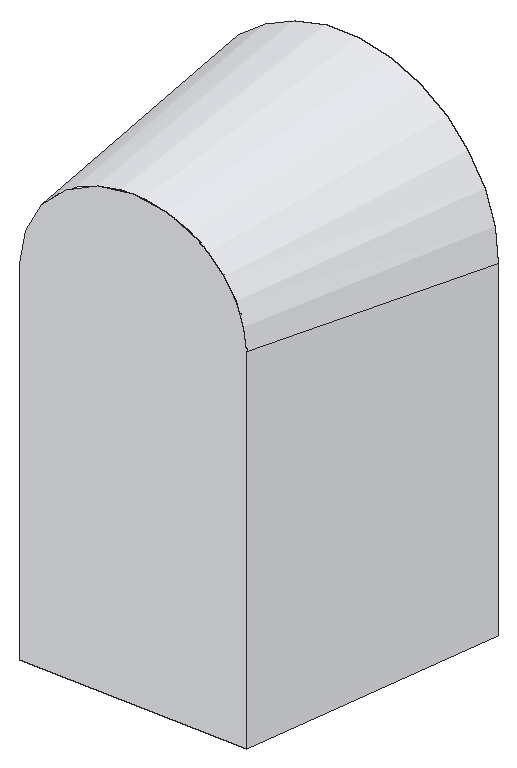
Revit family "Deca_Bidê 3 Furos Suspenso LK_B.232", category Plumbing Fixtures, host Face, Revit 2012
Parameters (values of type "B.232.17_Branco Gelo GE17")
  WFU = 0
  Vendido Separadamente = "Suportes (uso obrigatório): Para Alvenaria: SP.132.01; Para Drywall: 1100.SP.133.01;\r\nSuporte opcional auto portante para drywall: 1100.SP.134.01;\r\nMisturador de Bidê"  # constant formula
  Variações de COR = "Branco (B.232.17); Ébano (B.232.95)."  # constant formula
  URL = "www.deca.com.br/produtos"
  Segmento = "Luxo"  # constant formula
  Raio Ponto de Esgoto = 20 mm  # constant formula
  Produto = "Bidê 3 furos suspenso LK"  # constant formula
  Peso Liquido (Kg) = 15
  Norma = "ABNT NBR 15097-1: 2011 / ABNT NBR 15097-2: 2011"  # constant formula
  Model = Código  # "B.232.17"
  Material = "Deca_Vitreous China"  # constant formula
  Manufacturer = "Deca"  # constant formula
  Louça/Metais = "Louça"  # constant formula
  Linha = "LK"  # constant formula
  Informações Complementares = "3 furos - utilizar misturador"  # constant formula
  Flow Pressure = 0.00 psi
  Diâmetro Ponto de Esgoto = Raio Ponto de Esgoto * 2  # 40 mm
  Description = "Bidê 3 furos suspenso LK"  # constant formula
  Default Elevation = 0 mm
  Código = "B.232.17"
  Criado por = "Contino/quattroD"  # constant formula
  CWFU = 0
  Bidê = Deca GE17 Branco Gelo Cerâmica
  Atendimento ao Cliente = "0800-0117073"  # constant formula
  Assembly Code = "D2010110"
  Aprovado por = "Contino/quattroD"  # constant formula
  Acompanha o Produto = ""
Types (2, lengths in mm): name | Model | Código | Bidê
  B.232.17_Branco Gelo GE17 | "B.232.17" | "B.232.17" | Deca GE17 Branco Gelo Cerâmica
  B.232.95_Ébano EB95 | "B.232.95" | "B.232.95" | Deca EB95 Ébano Cerâmica
Reference planes
  plane 1 "Center (Front/Back)": y = 0
  plane 2: z = 0
  plane 3 "Center (Left/Right)": x = 0
  plane 4 "Top 3": y = 435
  plane 5 "Front 1": z = 549.241
  plane 6 "Left 1": x = -173.945
  plane 7 "Right 1": x = 173.945
  plane 8 "Top 1": y = 140
  plane 9 "Top 2": y = 170
Forms (mm)
  Blend 1, solid, material "Deca GE17 Branco Gelo Cerâmica" <- "Bidê"
    base sketch origin (0.781, 360, 0) x (-1, 0, 0) y (0, 0, 1)
      loop
        line (128.648, 0) -> (128.648, 399.354)
        spline (128.648, 399.354) -> (124.302, 429.118) -> (111.56, 456.854) -> (91.29, 480.671) -> (64.875, 498.947) -> (34.113, 510.435) -> (1.102, 514.354) -> (-31.91, 510.435) -> (-62.672, 498.947) -> (-89.087, 480.671) -> (-109.357, 456.854) -> (-122.099, 429.118) -> (-126.445, 399.354)
        line (-126.445, 399.354) -> (-126.445, 0) -> (128.648, 0)
    top sketch origin (0.781, 360, 0) x (-1, 0, 0) y (0, 0, 1)
      loop
        line (175.455, 0) -> (175.455, 375)
        arc (175.455, 375) -> (1.102, 549.354) -> (-173.252, 375) r 174.354
        line (-173.252, 375) -> (-173.252, 0) -> (175.455, 0)
    from -220 to 75
  Extrusion 2, solid, material "Deca GE17 Branco Gelo Cerâmica" <- "Bidê"
    sketch origin (0, 360, 22.183) x (-1, 0, 0) y (0, 0, 1)
      loop
        circle (0, 56.498) r 17.5
    from 61.004 to 70
  Blend 3, void
    base sketch origin (-0.321, 360, -5) x (-1, 0, 0) y (0, 0, 1)
      loop
        line (123.99, 242.498) -> (123.99, 318.75)
        arc (123.99, 318.75) -> (0, 442.74) -> (-123.99, 318.75) r 123.99
        line (-123.99, 318.75) -> (-123.99, 242.498)
        spline (-123.99, 242.498) -> (-119.765, 210.146) -> (-107.378, 179.998) -> (-87.674, 154.11) -> (-61.995, 134.245) -> (-32.091, 121.757) -> (0, 117.498) -> (32.091, 121.757) -> (61.995, 134.245) -> (87.674, 154.11) -> (107.378, 179.998) -> (119.765, 210.146) -> (123.99, 242.498)
    top sketch origin (-0.321, 360, -5) x (-1, 0, 0) y (0, 0, 1)
      loop
        line (123.99, 282.498) -> (123.99, 380)
        arc (123.99, 380) -> (0, 503.99) -> (-123.99, 380) r 123.99
        line (-123.99, 380) -> (-123.99, 282.498)
        spline (-123.99, 282.498) -> (-119.765, 250.146) -> (-107.378, 219.998) -> (-87.674, 194.11) -> (-61.995, 174.245) -> (-32.091, 161.757) -> (0, 157.498) -> (32.091, 161.757) -> (61.995, 174.245) -> (87.674, 194.11) -> (107.378, 219.998) -> (119.765, 250.146) -> (123.99, 282.498)
    from -70 to 75
  Extrusion 4, void
    sketch origin (0.001, 360, -35.687) x (-1, 0, 0) y (0, 0, 1)
      loop
        circle (0.001, 256) r 22
    from -155 to 70
  Extrusion 5, solid, material "Deca GE17 Branco Gelo Cerâmica" <- "Bidê", not visible
    sketch origin (0, 0, 0) x (1, 0, 0) y (0, 1, 0)
      loop
        circle (0, 170) r 20
    from 0 to 3
  Extrusion 6, void
    sketch origin (0, 330, 0) x (-1, 0, 0) y (0, 0, 1)
      loop
        circle (0, 78.681) r 17.5
    from 85.096 to 100
Cuts and joins
  Blend 3, Extrusion 4, Extrusion 6 cuts Blend 1
Lines and regions (mm)
  Masking region 1
    outline origin (0, 35, 0) x (1, 0, 0) y (0, 1, 0)
      loop
        arc (-168.758, 400) -> (-173.329, 397.887) -> (-174.68, 393.036) r 6
        line (-174.68, 393.036) -> (-128.36, 108.358)
        arc (-128.36, 108.358) -> (-127.003, 105.953) -> (-124.412, 105) r 4
        line (-124.412, 105) -> (124.412, 105)
        arc (124.412, 105) -> (127.003, 105.953) -> (128.36, 108.358) r 4
        line (128.36, 108.358) -> (174.68, 393.036)
        arc (174.68, 393.036) -> (173.329, 397.887) -> (168.758, 400) r 6
        line (168.758, 400) -> (-168.758, 400)
  Masking region 2
    outline origin (0, 0, 0) x (1, 0, 0) y (0, 0, 1)
      loop
        arc (173.945, 375.295) -> (0, 549.24) -> (-173.945, 375.295) r 173.945
        line (-173.945, 375.295) -> (-173.945, 4)
        arc (-173.945, 4) -> (-172.773, 1.172) -> (-169.945, 0) r 4
        line (-169.945, 0) -> (169.945, 0)
        arc (169.945, 0) -> (172.773, 1.172) -> (173.945, 4) r 4
        line (173.945, 4) -> (173.945, 375.295)
      loop
        circle (0, 78.67) r 17.489
  Masking region 3
    outline origin (0, 30, 0) x (0, 1, 0) y (0, 0, 1)
      loop
        arc (113.522, 516.127) -> (111.007, 514.81) -> (110, 512.156) r 4
        line (110, 512.156) -> (110, 4)
        arc (110, 4) -> (111.172, 1.172) -> (114, 0) r 4
        line (114, 0) -> (401, 0)
        arc (401, 0) -> (403.828, 1.172) -> (405, 4) r 4
        line (405, 4) -> (405, 544.438)
        arc (405, 544.438) -> (402.981, 548.927) -> (398.283, 550.395) r 6
        line (398.283, 550.395) -> (113.522, 516.127)
  symbolic lines
    curve 1: arc (-124.323, 0, 375.293) -> (0.003, 0, 499.619) -> (124.329, 0, 375.293) r 124.326
    curve 2: line (124.329, 0, 375.293) -> (124.329, 0, 277.791)
    curve 3: line (-124.324, 0, 375.293) -> (-124.324, 0, 277.791)
    curve 4: arc (124.329, 0, 277.791) -> (0.003, 0, 153.464) -> (-124.324, 0, 277.791) r 124.327
    curve 5: circle (0.003, 0, 370.293) r 13.5 normal (0, 1, 0)
    curve 6: arc (37.472, 0, 219.278) -> (-0.063, 0, 257.116) -> (-37.528, 0, 219.209) r 37.502
    curve 7: arc (37.472, 0, 219.278) -> (26.067, 0, 193.366) -> (-0.577, 0, 183.796) r 35.869
    curve 8: arc (-0.577, 0, 183.796) -> (-26.495, 0, 193.737) -> (-37.528, 0, 219.209) r 35.817
    curve 9: circle (-0.01, 0, 220.435) r 21.98 normal (0, -1, 0)
  model lines
    curve 10: circle (100.014, 435, 96.639) r 17.521 normal (0, 1, 0)
    curve 11: circle (-100.014, 435, 96.639) r 17.521 normal (0, 1, 0)
    curve 12: line (0, 435, 96.159) -> (0, 435, 61.181)
    curve 13: line (17.489, 435, 78.67) -> (-17.489, 435, 78.67)
Dimensions and locks
  plane 1 "Center (Front/Back)" to plane 4 "Top 3" = 435 mm  (x2)
  plane 6 "Left 1" to plane 7 "Right 1" = 347.89 mm
  plane 5 "Front 1" to host face = 549.241 mm  (x2)
  plane 7 "Right 1" to plane 6 "Left 1" = 347.89 mm
  plane 1 "Center (Front/Back)" to plane 8 "Top 1" = 140 mm  (x2)
  plane 8 "Top 1" to plane 4 "Top 3" = 295 mm  (x2)
  aligned and locked: host face to plane 2
  aligned and locked: level to host face
Connectors
  piping at (0, 170, 0), driven by "Raio Ponto de Esgoto", driven by "Flow Pressure", driven by "WFU"
    settings: on Extrusion 5, index 1, connector radius 0.7874", flow factor 0, pipe flow 0 GPM, pressure drop 0.00 psi, fitting loss kfactor 0, connector angle 0.00°, fixture units 0, engagement length 0 mm, flow configuration 3, flow direction 2, fitting loss method 0, system type 16, joint type 0, gender type 0, connector reference index -1, connector utility 0, adjustable connector no, is connector primary yes, fitting loss table "", connector description ""
